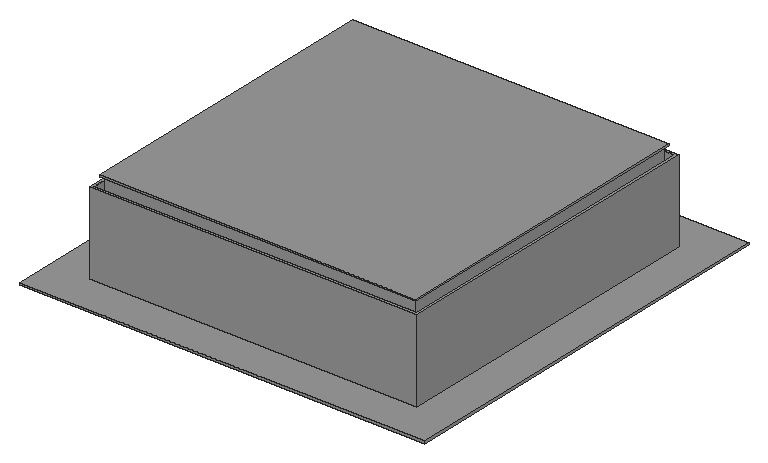
Revit family "SK RK4 for polished screed", category Generic Models, Revit 2015
Parameters (values of type "SK RK4")
  URL = "http://www.obo-bettermann.com"
  Material = Steel, Galvanized
  Manufacturer Art.No. = "7404380"
  Manufacturer = "OBO Bettermann"
  GTIN = "4012196633937"
  Article Type = "SK RK4"
Reference planes
  plane 1 "Center (Front/Back)": y = 0
  plane 2: z = 0
  plane 3 "Center (Left/Right)": x = 0
  plane 4: z = 1.4
  plane 5: x = -126.5
  plane 6: x = 126.5
  plane 7: y = -126.5
  plane 8: y = 126.5
  plane 9: x = -102.5
  plane 10: x = 102.5
  plane 11: y = 102.5
  plane 12: y = -102.5
  plane 13: x = 101.1
  plane 14: x = -101.1
  plane 15: y = 101.1
  plane 16: y = -101.1
  plane 17: z = 53
  plane 18: z = 58
  plane 19: z = 59
  plane 20: x = -99
  plane 21: x = 99
  plane 22: y = 99
  plane 23: y = -99
  plane 24: z = 38
  plane 25: x = -97
  plane 26: x = 97
  plane 27: y = 97
  plane 28: y = -97
  plane 29: y = 95.6
  plane 30: y = -95.6
  plane 31: x = 95.6
  plane 32: x = -95.6
Forms (mm)
  Extrusion 1, solid, material "Steel, Galvanized" <- "Material"
    sketch origin (0, 0, 0) x (1, 0, 0) y (0, 1, 0)
      loop
        line (-126.5, 126.5) -> (-126.5, -126.5) -> (126.5, -126.5) -> (126.5, 126.5) -> (-126.5, 126.5)
    from 0 to 1.4
  Extrusion 2, solid, material "Steel, Galvanized" <- "Material"
    sketch origin (0, 0, 0) x (1, 0, 0) y (0, 1, 0)
      loop
        line (102.5, 102.5) -> (-102.5, 102.5) -> (-102.5, -102.5) -> (102.5, -102.5) -> (102.5, 102.5)
      loop
        line (101.1, 101.1) -> (-101.1, 101.1) -> (-101.1, -101.1) -> (101.1, -101.1) -> (101.1, 101.1)
    from 1.4 to 53
  Extrusion 3, void
    sketch origin (0, 0, 0) x (1, 0, 0) y (0, 1, 0)
      loop
        line (101.1, 101.1) -> (-101.1, 101.1) -> (-101.1, -101.1) -> (101.1, -101.1) -> (101.1, 101.1)
    from -24.863 to 1.4
  Extrusion 4, solid, material "Steel, Galvanized" <- "Material"
    sketch origin (0, 0, 0) x (1, 0, 0) y (0, 1, 0)
      loop
        line (-99, 99) -> (-99, -99) -> (99, -99) -> (99, 99) -> (-99, 99)
    from 58 to 59
  Extrusion 5, solid, material "Steel, Galvanized" <- "Material"
    sketch origin (0, 0, 0) x (1, 0, 0) y (0, 1, 0)
      loop
        line (-97, 97) -> (-97, -97) -> (97, -97) -> (97, 97) -> (-97, 97)
      loop
        line (95.6, 95.6) -> (-95.6, 95.6) -> (-95.6, -95.6) -> (95.6, -95.6) -> (95.6, 95.6)
    from 38 to 58
Cuts and joins
  Extrusion 3 cuts Extrusion 1
  Extrusion 3 cuts Extrusion 2
Dimensions and locks
  locked: level to plane 4 at 1.4
  equal spacing: plane 8, plane 1 "Center (Front/Back)", plane 7
  equal spacing: plane 5, plane 3 "Center (Left/Right)", plane 6
  locked: plane 8 to plane 7 at 253
  locked: plane 5 to plane 6 at 253
  equal spacing: plane 11, plane 1 "Center (Front/Back)", plane 12
  equal spacing: plane 9, plane 3 "Center (Left/Right)", plane 10
  locked: plane 11 to plane 12 at 205
  locked: plane 9 to plane 10 at 205
  locked: plane 11 to plane 15 at 1.4
  locked: plane 16 to plane 12 at 1.4
  locked: plane 13 to plane 10 at 1.4
  locked: plane 9 to plane 14 at 1.4
  level to plane 17 = 53 mm
  locked: plane 18 to plane 19 at 1
  equal spacing: plane 23, plane 1 "Center (Front/Back)", plane 22
  locked: plane 22 to plane 23 at 198
  equal spacing: plane 20, plane 3 "Center (Left/Right)", plane 21
  locked: plane 20 to plane 21 at 198
  locked: plane 24 to plane 19 at 21
  locked: plane 17 to plane 18 at 5
  equal spacing: plane 27, plane 1 "Center (Front/Back)", plane 28
  locked: plane 27 to plane 28 at 194
  equal spacing: plane 25, plane 3 "Center (Left/Right)", plane 26
  locked: plane 25 to plane 26 at 194
  locked: plane 25 to plane 32 at 1.4
  locked: plane 31 to plane 26 at 1.4
  locked: plane 27 to plane 29 at 1.4
  locked: plane 30 to plane 28 at 1.4
  aligned and locked: level to plane 2
  aligned and locked: Extrusion 1 sketch curve to plane 5
  aligned and locked: Extrusion 1 sketch curve to plane 7
  aligned and locked: plane 6 to Extrusion 1 sketch curve
  aligned and locked: plane 8 to Extrusion 1 sketch curve
  aligned and locked: Extrusion 1 to level
  aligned and locked: plane 4 to Extrusion 1
  aligned and locked: Extrusion 2 sketch curve to plane 10
  aligned and locked: plane 12 to Extrusion 2 sketch curve
  aligned and locked: plane 9 to Extrusion 2 sketch curve
  aligned and locked: Extrusion 2 sketch curve to plane 11
  aligned and locked: Extrusion 2 sketch curve to plane 13
  aligned and locked: plane 16 to Extrusion 2 sketch curve
  aligned and locked: plane 14 to Extrusion 2 sketch curve
  aligned and locked: Extrusion 2 sketch curve to plane 15
  aligned and locked: Extrusion 2 to plane 4
  aligned and locked: plane 17 to Extrusion 2
  aligned and locked: Extrusion 3 sketch curve to Extrusion 2  (x4)
  aligned and locked: plane 4 to Extrusion 3
  aligned and locked: Extrusion 4 sketch curve to plane 22
  aligned and locked: Extrusion 4 sketch curve to plane 21
  aligned and locked: plane 23 to Extrusion 4 sketch curve
  aligned and locked: plane 20 to Extrusion 4 sketch curve
  aligned and locked: Extrusion 4 to plane 18
  aligned and locked: plane 19 to Extrusion 4
  aligned and locked: Extrusion 5 sketch curve to plane 27
  aligned and locked: Extrusion 5 sketch curve to plane 26
  aligned and locked: plane 28 to Extrusion 5 sketch curve
  aligned and locked: plane 25 to Extrusion 5 sketch curve
  aligned and locked: Extrusion 5 sketch curve to plane 31
  aligned and locked: plane 30 to Extrusion 5 sketch curve
  aligned and locked: plane 32 to Extrusion 5 sketch curve
  aligned and locked: Extrusion 5 sketch curve to plane 29
  aligned and locked: Extrusion 5 to plane 24
  aligned and locked: plane 18 to Extrusion 5
